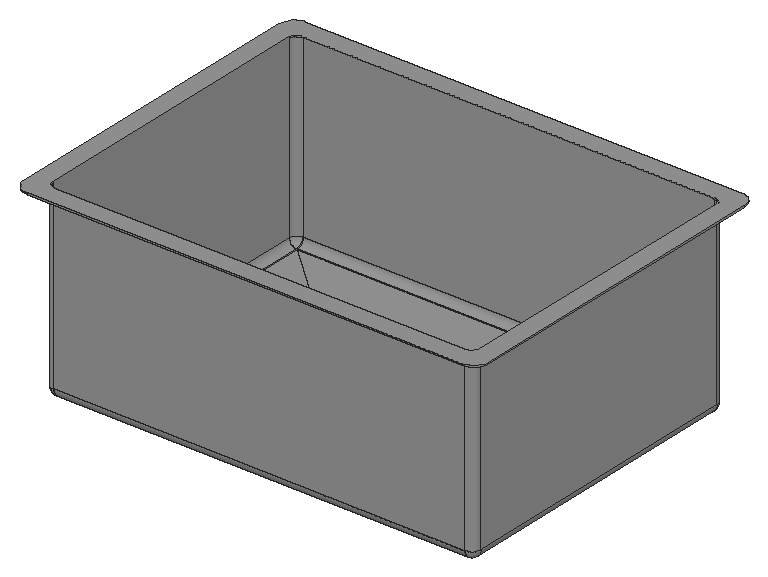
Revit family "BUILDMAT-SNGD004-Willow-600-Brass-Gold", category Plumbing Fixtures, host Face, Revit 2020
Family settings
  Host = Face
  Round Connector Dimension = Use Diameter
  Part Type = Normal
  Cut with Voids When Loaded = No
  Shared = No
  Room Calculation Point = No
Parameters (values of type "Willow 600x450x250mm")
  Width = 550.0 mm
  Undermount [instance] = 0.0 mm
  URL = "https://www.buildmat.com.au/products/willow-600x450-medium-single-bowl-sink"
  Side Sound Pad = no
  Side Brackets = yes
  Model = "SNA01004"  # constant formula
  Middle Sound Pad = yes
  Middle Bracket = no
  Manufacturer URL = "https://www.buildmat.com.au/"
  Manufacturer = "BUILDMAT"  # constant formula
  Length = 400.0 mm
  Description = "BUILDMAT - Willow 600x450 Medium Single Bowl Sink"  # constant formula
  Depth = 250.0 mm
  Default Elevation = 1219.2 mm
  Created By URL = "https://www.buildmat.com.au/"
  Created By = "BUILDMAT"  # constant formula
  Created = "22.06.2022"  # constant formula
  Material = BUILDMAT Brass Gold
Reference planes
  plane 1 "Center (Front/Back)": y = 0
  plane 2: z = 0
  plane 3 "Center (Left/Right)": x = 0
  plane 4 "Top Substrate": z = 0
  plane 5 "Left": x = -275
  plane 6 "Right": x = 275
  plane 7 "Back": y = 200
  plane 8 "Front": y = -200
  plane 9: x = -300
  plane 10: x = 300
  plane 11: y = -225
  plane 12: y = 225
  plane 13 "Bottom Void": z = -250
  plane 14: z = 1.5
  plane 15: x = -276.5
  plane 16: y = -201.5
  plane 17: x = 276.5
  plane 18: y = 201.5
  plane 19: z = -240
  plane 20: z = -230
  plane 21: x = -265
  plane 22: x = 265
  plane 23: y = -190
  plane 24: y = 190
  plane 25: z = -245
  plane 26: z = -241.5
  plane 27: z = -246.5
  plane 28: x = -100
  plane 29: x = 100
  plane 30 "Sound Pad": z = -130
  plane 31 "Front Bracket": y = -100
  plane 32 "Back Bracket": y = 100
  plane 33: x = -175
  plane 34: x = 175
  plane 35: x = -57
  plane 36: x = 57
  plane 37: x = -45
  plane 38: x = 45
Forms (mm)
  Extrusion 1, void
    sketch origin (0, 0, 0) x (1, 0, 0) y (0, 1, 0)
      loop
        arc (-265, 200) -> (-272.071, 197.071) -> (-275, 190) r 10
        line (-275, 190) -> (-275, -190)
        arc (-275, -190) -> (-272.071, -197.071) -> (-265, -200) r 10
        line (-265, -200) -> (265, -200)
        arc (265, -200) -> (272.071, -197.071) -> (275, -190) r 10
        line (275, -190) -> (275, 190)
        arc (275, 190) -> (272.071, 197.071) -> (265, 200) r 10
        line (265, 200) -> (-265, 200)
    from 0 to 1.5
  Extrusion 2, void
    sketch origin (0, 0, 0) x (1, 0, 0) y (0, 1, 0)
      loop
        line (-276.5, 201.5) -> (-276.5, -201.5) -> (276.5, -201.5) -> (276.5, 201.5) -> (-276.5, 201.5)
    from 0 to -250
  Extrusion 3, void
    sketch origin (0, 0, 0) x (1, 0, 0) y (0, 1, 0)
      loop
        arc (-280, 225) -> (-294.142, 219.142) -> (-300, 205) r 20
        line (-300, 205) -> (-300, -205)
        arc (-300, -205) -> (-294.142, -219.142) -> (-280, -225) r 20
        line (-280, -225) -> (280, -225)
        arc (280, -225) -> (294.142, -219.142) -> (300, -205) r 20
        line (300, -205) -> (300, 205)
        arc (300, 205) -> (294.142, 219.142) -> (280, 225) r 20
        line (280, 225) -> (-280, 225)
    from 1.5 to 0
  Extrusion 4, solid, material "BUILDMAT Brass Gold" <- "Material"
    sketch origin (0, 0, 0) x (-1, 0, 0) y (0, -1, 0)
      loop
        arc (280, -225) -> (294.142, -219.142) -> (300, -205) r 20
        line (300, -205) -> (300, 205)
        arc (300, 205) -> (294.142, 219.142) -> (280, 225) r 20
        line (280, 225) -> (-280, 225)
        arc (-280, 225) -> (-294.142, 219.142) -> (-300, 205) r 20
        line (-300, 205) -> (-300, -205)
        arc (-300, -205) -> (-294.142, -219.142) -> (-280, -225) r 20
        line (-280, -225) -> (280, -225)
      loop
        arc (265, -200) -> (272.071, -197.071) -> (275, -190) r 10
        line (275, -190) -> (275, 190)
        arc (275, 190) -> (272.071, 197.071) -> (265, 200) r 10
        line (265, 200) -> (-265, 200)
        arc (-265, 200) -> (-272.071, 197.071) -> (-275, 190) r 10
        line (-275, 190) -> (-275, -190)
        arc (-275, -190) -> (-272.071, -197.071) -> (-265, -200) r 10
        line (-265, -200) -> (265, -200)
    from 0 to 1.5
  Extrusion 5, solid, material "BUILDMAT Brass Gold" <- "Material"
    sketch origin (0, 0, 0) x (-1, 0, 0) y (0, -1, 0)
      loop
        arc (265, -201.5) -> (273.132, -198.132) -> (276.5, -190) r 11.5
        line (276.5, -190) -> (276.5, 190)
        arc (276.5, 190) -> (273.132, 198.132) -> (265, 201.5) r 11.5
        line (265, 201.5) -> (-265, 201.5)
        arc (-265, 201.5) -> (-273.132, 198.132) -> (-276.5, 190) r 11.5
        line (-276.5, 190) -> (-276.5, -190)
        arc (-276.5, -190) -> (-273.132, -198.132) -> (-265, -201.5) r 11.5
        line (-265, -201.5) -> (265, -201.5)
      loop
        arc (-265, 200) -> (-272.071, 197.071) -> (-275, 190) r 10
        line (-275, 190) -> (-275, -190)
        arc (-275, -190) -> (-272.071, -197.071) -> (-265, -200) r 10
        line (-265, -200) -> (265, -200)
        arc (265, -200) -> (272.071, -197.071) -> (275, -190) r 10
        line (275, -190) -> (275, 190)
        arc (275, 190) -> (272.071, 197.071) -> (265, 200) r 10
        line (265, 200) -> (-265, 200)
    from 0 to -230
  Revolve 6, solid, material "BUILDMAT Brass Gold" <- "Material"
    sketch origin (-175.162, 190, 1219.2) x (-1, 0, 0) y (0, 0, 1)
      loop
        line (-450.162, -1449.2) -> (-451.662, -1449.2)
        arc (-451.662, -1449.2) -> (-448.293, -1457.332) -> (-440.162, -1460.7) r 11.5
        line (-440.162, -1460.7) -> (-440.162, -1459.2)
        arc (-440.162, -1459.2) -> (-447.233, -1456.271) -> (-450.162, -1449.2) r 10
      axis (-440.162, -1460.7) -> (-440.162, -1449.2)
    angle from 0 to -90
  Revolve 7, solid, material "BUILDMAT Brass Gold" <- "Material"
    sketch origin (-175.162, 190, 1219.2) x (-1, 0, 0) y (0, 0, 1)
      loop
        arc (99.838, -1449.2) -> (96.909, -1456.271) -> (89.838, -1459.2) r 10
        line (89.838, -1459.2) -> (89.838, -1460.7)
        arc (89.838, -1460.7) -> (97.97, -1457.332) -> (101.338, -1449.2) r 11.5
        line (101.338, -1449.2) -> (99.838, -1449.2)
      axis (89.838, -1449.2) -> (89.838, -1460.7)
    angle from 0 to -90
  Revolve 8, solid, material "BUILDMAT Brass Gold" <- "Material"
    sketch origin (-175.162, -190, 1219.2) x (-1, 0, 0) y (0, 0, 1)
      loop
        arc (99.838, -1449.2) -> (96.909, -1456.271) -> (89.838, -1459.2) r 10
        line (89.838, -1459.2) -> (89.838, -1460.7)
        arc (89.838, -1460.7) -> (97.97, -1457.332) -> (101.338, -1449.2) r 11.5
        line (101.338, -1449.2) -> (99.838, -1449.2)
      axis (89.838, -1449.2) -> (89.838, -1460.7)
    angle from 0 to 90
  Revolve 9, solid, material "BUILDMAT Brass Gold" <- "Material"
    sketch origin (-175.162, -190, 1219.2) x (-1, 0, 0) y (0, 0, 1)
      loop
        line (-450.162, -1449.2) -> (-451.662, -1449.2)
        arc (-451.662, -1449.2) -> (-448.293, -1457.332) -> (-440.162, -1460.7) r 11.5
        line (-440.162, -1460.7) -> (-440.162, -1459.2)
        arc (-440.162, -1459.2) -> (-447.233, -1456.271) -> (-450.162, -1449.2) r 10
      axis (-440.162, -1449.2) -> (-440.162, -1460.7)
    angle from 0 to 90
  Extrusion 10, solid, material "BUILDMAT Brass Gold" <- "Material"
    sketch origin (0, 0, 0) x (1, 0, 0) y (0, 0, 1)
      loop
        line (-275, -230) -> (-276.5, -230)
        arc (-276.5, -230) -> (-273.132, -238.132) -> (-265, -241.5) r 11.5
        line (-265, -241.5) -> (-265, -240)
        arc (-265, -240) -> (-272.071, -237.071) -> (-275, -230) r 10
    from -190 to 190
  Extrusion 11, solid, material "BUILDMAT Brass Gold" <- "Material"
    sketch origin (0, 0, 0) x (1, 0, 0) y (0, 0, 1)
      loop
        arc (275, -230) -> (272.071, -237.071) -> (265, -240) r 10
        line (265, -240) -> (265, -241.5)
        arc (265, -241.5) -> (273.132, -238.132) -> (276.5, -230) r 11.5
        line (276.5, -230) -> (275, -230)
    from -190 to 190
  Extrusion 12, solid, material "BUILDMAT Brass Gold" <- "Material"
    sketch origin (0, 0, 0) x (0, 1, 0) y (0, 0, 1)
      loop
        arc (200, -230) -> (197.071, -237.071) -> (190, -240) r 10
        line (190, -240) -> (190, -241.5)
        arc (190, -241.5) -> (198.132, -238.132) -> (201.5, -230) r 11.5
        line (201.5, -230) -> (200, -230)
    from -265 to 265
  Extrusion 13, solid, material "BUILDMAT Brass Gold" <- "Material"
    sketch origin (0, 0, 0) x (0, 1, 0) y (0, 0, 1)
      loop
        line (-200, -230) -> (-201.5, -230)
        arc (-201.5, -230) -> (-198.132, -238.132) -> (-190, -241.5) r 11.5
        line (-190, -241.5) -> (-190, -240)
        arc (-190, -240) -> (-197.071, -237.071) -> (-200, -230) r 10
    from -265 to 265
  Revolve 14, solid, material "BUILDMAT Brass Gold" <- "Material"
    sketch origin (0, 0, 0) x (1, 0, 0) y (0, 0, 1)
      loop
        line (-45, -250) -> (-45, -248.5)
        spline (-45, -248.5) -> (-46.484, -248.459) -> (-47.939, -248.339) -> (-49.337, -248.141) -> (-50.649, -247.871) -> (-51.848, -247.537) -> (-52.908, -247.151) -> (-53.805, -246.726) -> (-54.514, -246.283) -> (-55.023, -245.856) -> (-55.329, -245.483) -> (-55.468, -245.202) -> (-55.5, -245)
        line (-55.5, -245) -> (-57, -245)
        spline (-57, -245) -> (-56.897, -245.653) -> (-56.591, -246.294) -> (-56.087, -246.913) -> (-55.392, -247.5) -> (-54.52, -248.044) -> (-53.485, -248.536) -> (-52.305, -248.967) -> (-51, -249.33) -> (-49.592, -249.619) -> (-48.106, -249.83) -> (-46.566, -249.957) -> (-45, -250)
      axis (0, -245) -> (0, -250)
    angle from 0 to 360
  Blend 15, solid, material "BUILDMAT Brass Gold" <- "Material"
    base sketch origin (0, 0, 0) x (-1, 0, 0) y (0, -1, 0)
      loop
        circle (0, 0) r 57
    top sketch origin (0, 0, 0) x (-1, 0, 0) y (0, -1, 0)
      loop
        line (265, -190) -> (265, 190) -> (-265, 190) -> (-265, -190) -> (265, -190)
    from -246.5 to -241.5
  Blend 16, void
    base sketch origin (0, 0, 0) x (-1, 0, 0) y (0, -1, 0)
      loop
        circle (0, 0) r 57
    top sketch origin (0, 0, 0) x (-1, 0, 0) y (0, -1, 0)
      loop
        line (265, -190) -> (265, 190) -> (-265, 190) -> (-265, -190) -> (265, -190)
    from -245 to -240
  Extrusion 17, solid, material "BUILDMAT Brass Gold" <- "Material"
    sketch origin (0, 0, 0) x (-1, 0, 0) y (0, -1, 0)
      loop
        line (265, -190) -> (265, 190) -> (-265, 190) -> (-265, -190) -> (265, -190)
    from -241.5 to -240
  Extrusion 18, void
    sketch origin (0, 0, 0) x (-1, 0, 0) y (0, -1, 0)
      loop
        circle (0, 0) r 57
    from -250 to -230
Cuts and joins
  joined: Extrusion 4, Extrusion 5
  joined: Revolve 6, Revolve 9
  joined: Revolve 7, Revolve 8
  Blend 16, Extrusion 18 cuts Blend 15
  Blend 16, Extrusion 18 cuts Extrusion 17
  joined: Blend 15, Extrusion 17
Lines and regions (mm)
  Masking region 1
    outline origin (0, 0, 0) x (1, 0, 0) y (0, 0, 1)
      loop
        line (275, 0) -> (-275, 0) -> (-275, -230)
        arc (-275, -230) -> (-272.071, -237.071) -> (-265, -240) r 10
        line (-265, -240) -> (-57, -245) -> (57, -245) -> (265, -240)
        arc (265, -240) -> (272.071, -237.071) -> (275, -230) r 10
        line (275, -230) -> (275, 0)
  Masking region 2
    outline origin (0, 0, 0) x (1, 0, 0) y (0, 0, 1)
      loop
        line (-100, -245.466) -> (-100, -250) -> (-57, -250) -> (-57, -246.5) -> (-100, -245.466)
  Masking region 3
    outline origin (0, 0, 0) x (1, 0, 0) y (0, 0, 1)
      loop
        line (57, -246.5) -> (57, -250) -> (100, -250) -> (100, -245.466) -> (57, -246.5)
Text (mm)
  text "Refer to www.buildmat.com.au for the most current product literature. \nAllow a +/- 5mm tolerance for dimensions shown in the product literature. \nPlease note product details are subject to change due to ongoing product development." at (0.056, -1035.857, 0), in view "Ref. Level"
Dimensions and locks
  "Undermount": plane 2 to plane 4 "Top Substrate"
  equal spacing: plane 5 "Left", plane 3 "Center (Left/Right)", plane 6 "Right"
  "Width": plane 5 "Left" to plane 6 "Right"
  "Length": plane 7 "Back" to plane 8 "Front"
  equal spacing: plane 7 "Back", plane 1 "Center (Front/Back)", plane 8 "Front"
  locked: plane 12 to plane 7 "Back" at 25
  locked: plane 8 "Front" to plane 11 at 25
  locked: plane 9 to plane 5 "Left" at 25
  locked: plane 6 "Right" to plane 10 at 25
  "Depth": plane 4 "Top Substrate" to plane 13 "Bottom Void"
  locked: plane 14 to plane 4 "Top Substrate" at 1.5
  locked: plane 18 to plane 7 "Back" at 1.5
  locked: plane 8 "Front" to plane 16 at 1.5
  plane 15 to plane 5 "Left" = 1.5 mm
  plane 6 "Right" to plane 17 = 1.5 mm
  plane 20 to plane 19 to plane 13 "Bottom Void" = 10.0 mm, 10.0 mm
  locked: plane 5 "Left" to plane 21 at 10
  locked: plane 22 to plane 6 "Right" at 10
  locked: plane 7 "Back" to plane 24 at 10
  locked: plane 23 to plane 8 "Front" at 10
  locked: plane 19 to plane 26 at 1.5
  locked: plane 25 to plane 13 "Bottom Void" at 5
  locked: plane 25 to plane 27 at 1.5
  plane 29 to plane 3 "Center (Left/Right)" to plane 28 = 100.0 mm locked, 100.0 mm locked
  locked: plane 30 "Sound Pad" to plane 13 "Bottom Void" at 120
  locked: plane 7 "Back" to plane 32 "Back Bracket" at 100
  locked: plane 31 "Front Bracket" to plane 8 "Front" at 100
  locked: plane 33 to plane 5 "Left" at 100
  locked: plane 6 "Right" to plane 34 at 100
  equal spacing: plane 3 "Center (Left/Right)", nested 15, plane 33
  equal spacing: plane 34, nested 16, plane 3 "Center (Left/Right)"
  plane 37 to plane 3 "Center (Left/Right)" to plane 38 = 45.0 mm locked, 45.0 mm locked
  plane 35 to plane 3 "Center (Left/Right)" to plane 36 = 57.0 mm locked, 57.0 mm locked
  aligned and locked: plane 2 to host face
  aligned and locked: level to host face
  aligned and locked: plane 8 "Front" to Extrusion 1 sketch curve
  aligned and locked: Extrusion 1 sketch curve to plane 7 "Back"
  aligned and locked: plane 5 "Left" to Extrusion 1 sketch curve
  aligned and locked: Extrusion 1 sketch curve to plane 6 "Right"
  aligned and locked: plane 2 to Extrusion 1
  aligned and locked: plane 14 to Extrusion 1
  aligned and locked: Extrusion 2 sketch curve to plane 16
  aligned and locked: Extrusion 2 sketch curve to plane 18
  aligned and locked: plane 15 to Extrusion 2 sketch curve
  aligned and locked: plane 17 to Extrusion 2 sketch curve
  aligned and locked: Extrusion 2 to plane 13 "Bottom Void"
  aligned and locked: plane 4 "Top Substrate" to Extrusion 2
  aligned and locked: Extrusion 3 sketch curve to plane 11
  aligned and locked: plane 9 to Extrusion 3 sketch curve
  aligned and locked: Extrusion 3 sketch curve to plane 10
  aligned and locked: Extrusion 3 sketch curve to plane 12
  aligned and locked: Extrusion 3 to plane 4 "Top Substrate"
  aligned and locked: Extrusion 3 to plane 14
  aligned and locked: Extrusion 4 sketch curve to plane 11
  aligned and locked: Extrusion 4 sketch curve to plane 12
  aligned and locked: plane 9 to Extrusion 4 sketch curve
  aligned and locked: Extrusion 4 sketch curve to plane 10
  aligned and locked: plane 5 "Left" to Extrusion 4 sketch curve
  aligned and locked: Extrusion 4 sketch curve to plane 6 "Right"
  aligned and locked: Extrusion 4 sketch curve to plane 7 "Back"
  aligned and locked: plane 8 "Front" to Extrusion 4 sketch curve
  aligned and locked: Extrusion 5 sketch curve to plane 7 "Back"
  aligned and locked: plane 5 "Left" to Extrusion 5 sketch curve
  aligned and locked: Extrusion 5 sketch curve to plane 6 "Right"
  aligned and locked: plane 8 "Front" to Extrusion 5 sketch curve
  aligned and locked: plane 15 to Extrusion 5 sketch curve
  aligned and locked: Extrusion 5 sketch curve to plane 16
  aligned and locked: plane 17 to Extrusion 5 sketch curve
  aligned and locked: Extrusion 5 sketch curve to plane 18
  aligned and locked: Extrusion 5 to plane 20
  aligned and locked: plane 4 "Top Substrate" to Extrusion 5
  aligned and locked: Extrusion 11 to plane 23
  aligned and locked: plane 24 to Extrusion 11
  aligned and locked: plane 24 to Extrusion 10
  aligned and locked: Extrusion 10 to plane 23
  aligned and locked: Extrusion 13 to plane 21
  aligned and locked: plane 22 to Extrusion 13
  aligned and locked: plane 22 to Extrusion 12
  aligned and locked: Extrusion 12 to plane 21
  aligned and locked: plane 21 to Blend 15 sketch curve
  aligned and locked: Blend 15 sketch curve to plane 22
  aligned and locked: Blend 15 sketch curve to plane 23
  aligned and locked: Blend 15 sketch curve to plane 24
  aligned and locked: plane 27 to Blend 15
  aligned and locked: Blend 15 to plane 26
  aligned and locked: Blend 16 sketch curve to plane 24
  aligned and locked: plane 21 to Blend 16 sketch curve
  aligned and locked: Blend 16 sketch curve to plane 22
  aligned and locked: Blend 16 sketch curve to plane 23
  aligned and locked: Blend 16 to plane 25
  aligned and locked: Blend 16 to plane 19
  aligned and locked: Extrusion 17 sketch curve to plane 24
  aligned and locked: Extrusion 17 sketch curve to plane 23
  aligned and locked: plane 21 to Extrusion 17 sketch curve
  aligned and locked: Extrusion 17 sketch curve to plane 22
  aligned and locked: Extrusion 17 to plane 26
  aligned and locked: Extrusion 17 to plane 19
  aligned and locked: Extrusion 18 to plane 13 "Bottom Void"
  aligned and locked: plane 20 to Extrusion 18
  aligned and locked: cut or joined group of Blend 15, Blend 16, Extrusion 17, Extrusion 18 to Masking region 2 sketch curve
  aligned and locked: Masking region 3 sketch curve to cut or joined group of Blend 15, Blend 16, Extrusion 17, Extrusion 18
  aligned and locked: plane 3 "Center (Left/Right)" to nested 1
  aligned and locked: nested 1 to plane 4 "Top Substrate"
  aligned and locked: plane 3 "Center (Left/Right)" to nested 2
  aligned and locked: nested 2 to plane 30 "Sound Pad"
  aligned and locked: nested 3 to plane 18
  aligned and locked: plane 3 "Center (Left/Right)" to nested 3
  aligned and locked: plane 16 to nested 4
  aligned and locked: nested 4 to plane 3 "Center (Left/Right)"
  aligned and locked: plane 31 "Front Bracket" to nested 6
  aligned and locked: plane 15 to nested 6
  aligned and locked: plane 31 "Front Bracket" to nested 8
  aligned and locked: plane 17 to nested 8
  aligned and locked: plane 32 "Back Bracket" to nested 7
  aligned and locked: plane 17 to nested 7
  aligned and locked: plane 32 "Back Bracket" to nested 5
  aligned and locked: plane 15 to nested 5
  aligned and locked: nested 9 to plane 4 "Top Substrate"
  aligned and locked: nested 9 to plane 33
  aligned and locked: nested 10 to plane 4 "Top Substrate"
  aligned and locked: nested 10 to plane 34
  aligned and locked: nested 13 to plane 33
  aligned and locked: nested 14 to plane 34
  aligned and locked: plane 16 to nested 13
  aligned and locked: nested 14 to plane 16
  aligned and locked: plane 33 to nested 11
  aligned and locked: nested 11 to plane 18
  aligned and locked: plane 34 to nested 12
  aligned and locked: plane 18 to nested 12
  aligned and locked: nested 15 to plane 30 "Sound Pad"
  aligned and locked: nested 16 to plane 30 "Sound Pad"
  aligned and locked: nested 17 to plane 23
  aligned and locked: nested 17 to plane 24
  aligned and locked: plane 22 to nested 17
  aligned and locked: plane 21 to nested 17
  aligned and locked: plane 3 "Center (Left/Right)" to nested 18
  aligned and locked: plane 1 "Center (Front/Back)" to nested 18
  aligned and locked: plane 4 "Top Substrate" to Masking region 1
Automatic sketch dimensions
  host sketch curve to host sketch curve = 2438.4 mm  (x2)
  plane 5 "Left" to Extrusion 1 sketch curve = 10.0 mm  (x2)
  Extrusion 1 sketch curve to plane 6 "Right" = 10.0 mm  (x2)
  Extrusion 4 sketch curve to plane 10 = 20.0 mm  (x2)
  Extrusion 4 sketch curve to Extrusion 4 sketch curve = 10.0 mm  (x2)
  plane 5 "Left" to Extrusion 4 sketch curve = 10.0 mm
  plane 9 to Extrusion 4 sketch curve = 20.0 mm
  plane 8 "Front" to Extrusion 4 sketch curve = 10.0 mm
  plane 11 to Extrusion 4 sketch curve = 20.0 mm
  Extrusion 3 sketch curve to plane 5 "Left" = 5.0 mm
  plane 6 "Right" to Extrusion 3 sketch curve = 5.0 mm  (x2)
  plane 7 "Back" to Extrusion 3 sketch curve = 5.0 mm
  plane 5 "Left" to Extrusion 5 sketch curve = 10.0 mm
  Extrusion 5 sketch curve to plane 6 "Right" = 10.0 mm
  plane 8 "Front" to Extrusion 5 sketch curve = 10.0 mm
  Extrusion 5 sketch curve to plane 7 "Back" = 10.0 mm
  Extrusion 5 sketch curve to Extrusion 5 sketch curve = 0.0 mm  (x4)
  Revolve 6 sketch curve to Revolve 6 sketch curve = 0.0 mm  (x3)
  plane 17 to Revolve 6 sketch curve = 0.0 mm
  Revolve 6 sketch curve to plane 6 "Right" = 0.0 mm
  Revolve 6 sketch curve to plane 22 = 0.0 mm  (x2)
  Revolve 6 sketch curve to plane 19 = 0.0 mm
  Revolve 6 sketch curve to plane 20 = 0.0 mm
  Revolve 7 sketch curve to Revolve 7 sketch curve = 0.0 mm  (x3)
  Revolve 7 sketch curve to plane 20 = 0.0 mm  (x2)
  Revolve 7 sketch curve to plane 21 = 0.0 mm  (x2)
  Revolve 7 sketch curve to plane 5 "Left" = 0.0 mm
  Revolve 7 sketch curve to plane 15 = 0.0 mm
  Revolve 8 sketch curve to Revolve 8 sketch curve = 0.0 mm  (x3)
  Revolve 8 sketch curve to plane 20 = 0.0 mm  (x2)
  Revolve 8 sketch curve to plane 21 = 0.0 mm  (x2)
  Revolve 8 sketch curve to plane 5 "Left" = 0.0 mm
  Revolve 8 sketch curve to plane 15 = 0.0 mm
  Revolve 9 sketch curve to Revolve 9 sketch curve = 0.0 mm  (x3)
  plane 17 to Revolve 9 sketch curve = 0.0 mm
  Revolve 9 sketch curve to plane 6 "Right" = 0.0 mm
  Revolve 9 sketch curve to plane 22 = 0.0 mm  (x2)
  Revolve 9 sketch curve to plane 20 = 0.0 mm
  Revolve 9 sketch curve to plane 19 = 0.0 mm
  Extrusion 10 sketch curve to plane 15 = 0.0 mm
  Extrusion 10 sketch curve to plane 5 "Left" = 0.0 mm
  Extrusion 10 sketch curve to plane 19 = 0.0 mm
  Extrusion 10 sketch curve to plane 21 = 0.0 mm
  Extrusion 11 sketch curve to plane 20 = 0.0 mm
  Extrusion 11 sketch curve to plane 22 = 0.0 mm
  Extrusion 11 sketch curve to plane 6 "Right" = 0.0 mm
  plane 17 to Extrusion 11 sketch curve = 0.0 mm
  Extrusion 12 sketch curve to plane 20 = 0.0 mm
  Extrusion 12 sketch curve to plane 24 = 0.0 mm
  Extrusion 12 sketch curve to plane 7 "Back" = 0.0 mm
  Extrusion 12 sketch curve to plane 18 = 0.0 mm
  Extrusion 13 sketch curve to plane 16 = 0.0 mm
  Extrusion 13 sketch curve to plane 8 "Front" = 0.0 mm
  Extrusion 13 sketch curve to plane 23 = 0.0 mm
  Extrusion 13 sketch curve to plane 19 = 0.0 mm
  Revolve 14 sketch curve to plane 25 = 0.0 mm
  Revolve 14 sketch curve to plane 13 "Bottom Void" = 0.0 mm  (x2)
  Revolve 14 sketch curve to plane 3 "Center (Left/Right)" = 0.0 mm
  Revolve 14 sketch curve to plane 20 = 0.0 mm
  Revolve 14 sketch curve to plane 3 "Center (Left/Right)" = 45.0 mm
  Revolve 14 sketch curve to Revolve 14 sketch curve = 10.5 mm
  Revolve 14 sketch curve to Revolve 14 sketch curve = 1.5 mm  (x2)
  Revolve 14 sketch curve to Revolve 14 sketch curve = 0.0 mm
  plane 1 "Center (Front/Back)" to Blend 15 sketch curve = 0.0 mm
  Blend 15 sketch curve to plane 3 "Center (Left/Right)" = 0.0 mm
  plane 1 "Center (Front/Back)" to Blend 16 sketch curve = 0.0 mm
  Blend 16 sketch curve to plane 3 "Center (Left/Right)" = 0.0 mm
  plane 1 "Center (Front/Back)" to Extrusion 18 sketch curve = 0.0 mm
  Extrusion 18 sketch curve to plane 3 "Center (Left/Right)" = 0.0 mm
  Masking region 1 sketch curve to level = 0.0 mm
  Masking region 1 sketch curve to plane 20 = 0.0 mm
  Masking region 1 sketch curve to plane 21 = 0.0 mm
  Masking region 1 sketch curve to plane 25 = 0.0 mm
  Masking region 1 sketch curve to plane 3 "Center (Left/Right)" = 57.0 mm
  plane 3 "Center (Left/Right)" to Masking region 1 sketch curve = 57.0 mm
  Masking region 1 sketch curve to plane 19 = 0.0 mm
  Masking region 1 sketch curve to plane 22 = 0.0 mm
  Masking region 1 sketch curve to plane 6 "Right" = 0.0 mm
  Masking region 1 sketch curve to plane 5 "Left" = 0.0 mm
  Masking region 2 sketch curve to plane 28 = 0.0 mm
  Masking region 2 sketch curve to plane 13 "Bottom Void" = 0.0 mm
  Masking region 2 sketch curve to plane 27 = 0.0 mm
  Masking region 3 sketch curve to plane 27 = 0.0 mm
  Masking region 3 sketch curve to plane 13 "Bottom Void" = 0.0 mm
  Masking region 3 sketch curve to plane 29 = 0.0 mm
  radius of Blend 15 sketch curve = 57.0 mm
  radius of Blend 16 sketch curve = 57.0 mm
  radius of Extrusion 18 sketch curve = 57.0 mm
Nested families
  nested 1: "TMB_Front" at (0, 0, 0) x (1, 0, 0) z (0, -1, 0), visible <- "Middle Bracket", type "TMB_Front"
  nested 2: "SP_Front" at (0, 0, -130) x (1, 0, 0) z (0, -1, 0), visible <- "Middle Sound Pad", type "SP_Front"
  nested 3: "TMB_Plan" at (0, 201.5, 0), visible <- "Middle Bracket", type "TMB_Plan"
  nested 4: "TMB_Plan" at (0, -201.5, 0) x (-1, 0, 0) z (0, 0, 1), visible <- "Middle Bracket", type "TMB_Plan"
  nested 5: "TMB_Plan" at (-276.5, 100, 0) x (0, 1, 0) z (0, 0, 1), type "TMB_Plan"
  nested 6: "TMB_Plan" at (-276.5, -100, 0) x (0, 1, 0) z (0, 0, 1), type "TMB_Plan"
  nested 7: "TMB_Plan" at (276.5, 100, 0) x (0, -1, 0) z (0, 0, 1), type "TMB_Plan"
  nested 8: "TMB_Plan" at (276.5, -100, 0) x (0, -1, 0) z (0, 0, 1), type "TMB_Plan"
  nested 9: "TMB_Front" at (-175, 0, 0) x (1, 0, 0) z (0, -1, 0), visible <- "Side Brackets", type "TMB_Front"
  nested 10: "TMB_Front" at (175, 0, 0) x (1, 0, 0) z (0, -1, 0), visible <- "Side Brackets", type "TMB_Front"
  nested 11: "TMB_Plan" at (-175, 201.5, 0), visible <- "Side Brackets", type "TMB_Plan"
  nested 12: "TMB_Plan" at (175, 201.5, 0), visible <- "Side Brackets", type "TMB_Plan"
  nested 13: "TMB_Plan" at (-175, -201.5, 0) x (-1, 0, 0) z (0, 0, 1), visible <- "Side Brackets", type "TMB_Plan"
  nested 14: "TMB_Plan" at (175, -201.5, 0) x (-1, 0, 0) z (0, 0, 1), visible <- "Side Brackets", type "TMB_Plan"
  nested 15: "SP_Front" at (-87.5, 0, -130) x (1, 0, 0) z (0, -1, 0), visible <- "Side Sound Pad", type "SP_Front"
  nested 16: "SP_Front" at (87.5, 0, -130) x (1, 0, 0) z (0, -1, 0), visible <- "Side Sound Pad", type "SP_Front"
  nested 17: "BOWL Plan" at (0, 0, -130), type "BOWL Plan"
    with Width 530.0 mm, Lenght 380.0 mm
  nested 18: "DRAIN" at (0, 0, 0), type "DRAIN"
Definition of nested family "TMB_Front"
  Reference planes
    plane 1 "Center (Elevation)": y = 0
    plane 2: z = 0
    plane 3 "Center (Left/Right)": x = 0
  Lines and regions (mm)
    Masking region 1, in view "Ref. Level"
      outline origin (0, 0, 0) x (1, 0, 0) y (0, 1, 0)
        loop
          line (-17.5, 0) -> (-17.5, -80) -> (17.5, -80) -> (17.5, 0) -> (-17.5, 0)
    detail lines, in view "Ref. Level"
      curve 1: line (-17.5, 0, 0) -> (-17.5, -80, 0)
      curve 2: line (-17.5, -80, 0) -> (17.5, -80, 0)
      curve 3: line (17.5, -80, 0) -> (17.5, 0, 0)
      curve 4: line (-12.5, -50, 0) -> (12.5, -50, 0)
      curve 5: line (-12.5, -75, 0) -> (-12.5, -50, 0)
      curve 6: line (12.5, -75, 0) -> (-12.5, -75, 0)
      curve 7: line (12.5, -50, 0) -> (12.5, -75, 0)
Definition of nested family "SP_Front"
  Reference planes
    plane 1 "Center (Elevation)": y = 0
    plane 2: z = 0
    plane 3 "Center (Left/Right)": x = 0
  Lines and regions (mm)
    Masking region 1, in view "Ref. Level"
      outline origin (0, 0, 0) x (1, 0, 0) y (0, 1, 0)
        loop
          arc (-50, 40) -> (-57.071, 37.071) -> (-60, 30) r 10
          line (-60, 30) -> (-60, -30)
          arc (-60, -30) -> (-57.071, -37.071) -> (-50, -40) r 10
          line (-50, -40) -> (50, -40)
          arc (50, -40) -> (57.071, -37.071) -> (60, -30) r 10
          line (60, -30) -> (60, 30)
          arc (60, 30) -> (57.071, 37.071) -> (50, 40) r 10
          line (50, 40) -> (-50, 40)
    detail lines, in view "Ref. Level"
      curve 1: line (-50, 40, 0) -> (50, 40, 0)
      curve 2: line (50, -40, 0) -> (-50, -40, 0)
      curve 3: line (60, 30, 0) -> (60, -30, 0)
      curve 4: line (-60, 30, 0) -> (-60, -30, 0)
      curve 5: arc (-50, 40, 0) -> (-57.071, 37.071, 0) -> (-60, 30, 0) r 10
      curve 6: arc (-60, -30, 0) -> (-57.071, -37.071, 0) -> (-50, -40, 0) r 10
      curve 7: arc (50, -40, 0) -> (57.071, -37.071, 0) -> (60, -30, 0) r 10
      curve 8: arc (60, 30, 0) -> (57.071, 37.071, 0) -> (50, 40, 0) r 10
  Dimensions and locks
    aligned and locked: Masking region 1 sketch curve to curve 1
    aligned and locked: Masking region 1 sketch curve to curve 4
    aligned and locked: Masking region 1 sketch curve to curve 2
    aligned and locked: Masking region 1 sketch curve to curve 3
Definition of nested family "TMB_Plan"
  Reference planes
    plane 1 "Center (Front/Back)": y = 0
    plane 2: z = 0
    plane 3 "Center (Left/Right)": x = 0
  Lines and regions (mm)
    detail lines, in view "Ref. Level"
      curve 1: line (-17.5, 0, 0) -> (17.5, 0, 0)
      curve 2: line (17.5, 0, 0) -> (17.5, 5, 0)
      curve 3: line (17.5, 5, 0) -> (12.5, 5, 0)
      curve 4: line (-17.5, 0, 0) -> (-17.5, 5, 0)
      curve 5: line (-17.5, 5, 0) -> (-12.5, 5, 0)
Definition of nested family "BOWL Plan"
  Parameters (values of type "BOWL Plan")
    Width [instance] = 600.0 mm
    Lenght [instance] = 400.0 mm
  Reference planes
    plane 1 "Center (Front/Back)": y = 0
    plane 2: z = 0
    plane 3 "Center (Left/Right)": x = 0
    plane 4 "Left": x = -300
    plane 5 "Right": x = 300
    plane 6 "Back": y = 200
    plane 7 "Front": y = -200
  Lines and regions (mm)
    Masking region 1, in view "Ref. Level"
      outline origin (0, 0, 0) x (1, 0, 0) y (0, 1, 0)
        loop
          line (-300, 200) -> (-300, -200) -> (300, -200) -> (300, 200) -> (-300, 200)
    detail lines, in view "Ref. Level"
      curve 1: line (-300, 200, 0) -> (300, -200, 0)
      curve 2: line (-300, -200, 0) -> (300, 200, 0)
  Dimensions and locks
    equal spacing: plane 6 "Back", plane 1 "Center (Front/Back)", plane 7 "Front"
    "Lenght": plane 6 "Back" to plane 7 "Front"
    equal spacing: plane 4 "Left", plane 3 "Center (Left/Right)", plane 5 "Right"
    "Width": plane 4 "Left" to plane 5 "Right"
    aligned and locked: plane 4 "Left" to Masking region 1 sketch curve
    aligned and locked: Masking region 1 sketch curve to plane 5 "Right"
    aligned and locked: plane 7 "Front" to Masking region 1 sketch curve
    aligned and locked: Masking region 1 sketch curve to plane 6 "Back"
  Automatic sketch dimensions
    curve 2 to plane 4 "Left" = 0.0 mm
    curve 1 to plane 4 "Left" = 0.0 mm
    curve 2 to plane 5 "Right" = 0.0 mm
    curve 1 to plane 5 "Right" = 0.0 mm
    curve 1 to plane 7 "Front" = 0.0 mm
    curve 2 to plane 7 "Front" = 0.0 mm
    curve 2 to plane 6 "Back" = 0.0 mm
    curve 1 to plane 6 "Back" = 0.0 mm
Definition of nested family "DRAIN"
  Reference planes
    plane 1 "Center (Front/Back)": y = 0
    plane 2: z = 0
    plane 3 "Center (Left/Right)": x = 0
  Lines and regions (mm)
    Masking region 1, in view "Ref. Level"
      outline origin (0, 0, 0) x (1, 0, 0) y (0, 1, 0)
        loop
          circle (0, 0) r 57
    detail lines, in view "Ref. Level"
      curve 1: circle (0, 0, 0) r 45 normal (0, 0, 1)
      curve 2: circle (0, 0, 0) r 55.5 normal (0, 0, 1)
